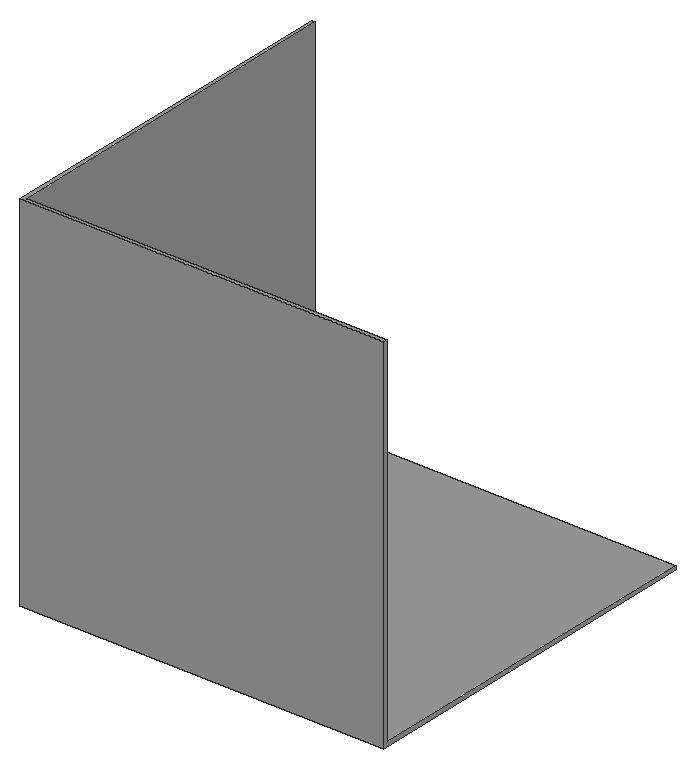
Revit family "97f5d52c-8eea-4d1f-87e4-3cfeebbedc00", category Generic Models, Revit 2012
Parameters (values of type "As Specified")
  Unit Width = 0' - 6"
  Unit Height = 0' - 6"
  Unit Depth = 0' - 6"
  URL = "http://www.hyload.com/"
  Thickness = 0' - 0 1/16"
  Specification = "http://www.arcat.com/sdspecs/htm04/07_65_00hyl.htm"
  Sales Information = "http://www.hyload.com/contact-us"
  Revision = "R1_12-2015"
  Product Properties = "http://www.hyload.com/masonry-flashing/preformed-shapes/"
  Product Data = "http://www.arcat.com/arcatcos/cos33/arc33176.html"
  Model = "Inside Corner (90)"
  Manufacturer Website = "http://www.hyload.com/"
  Manufacturer Phone - Toll Free = "800-457-4056"
  Manufacturer Phone = "330-769-3546"
  Manufacturer Fax = "330-769-4153"
  Manufacturer Address = "5020 Panther Pkwy., Seville, OH 44273"
  Manufacturer = "Hyload"
  Keynote = "07 65 00"
  Flashing Material = Hyload Flashing Membrane - Grey
  Drawn By = "Robert S. Weygant / Sumex Design"
  Description = "Preformed Hyload Masonry Flashing - Inside Corner (90)"
  Copyright = "(c) ARCAT, Inc, 2015"
  Construction Details = "http://www.arcat.com/details/hyload/hyload.html?coid=33176"
  Assembly Code = "B3010400"
Reference planes (in)
  plane 1 "Center (Front/Back)": y = 0
  plane 2: z = 0
  plane 3 "Center (Left/Right)": x = 0
  plane 4: y = 6
  plane 5: x = 6
  plane 6: z = 6
Forms (in)
  Extrusion 1, solid, material "Hyload Flashing Membrane - Grey" <- "Flashing Material"
    sketch origin (0, 0, 0) x (1, 0, 0) y (0, 1, 0)
      loop
        line (0, 6) -> (0, 0) -> (6, 0) -> (6, 6) -> (0, 6)
    from 0 to 0.0625 <- "Thickness"
  Extrusion 2, solid, material "Hyload Flashing Membrane - Grey" <- "Flashing Material"
    sketch origin (0, 0, 0) x (1, 0, 0) y (0, 1, 0)
      loop
        line (0, 6) -> (0, 0) -> (6, 0) -> (6, 0.0625) -> (0.0625, 0.0625) -> (0.0625, 6) -> (0, 6)
    from 0 to 6 <- "Unit Height"
Cuts and joins
  joined: Extrusion 1, Extrusion 2
Dimensions and locks (in)
  "Unit Depth": plane 1 "Center (Front/Back)" to plane 4
  "Unit Width": plane 3 "Center (Left/Right)" to plane 5
  "Unit Height": plane 6 to level
  "Thickness": plane 1 "Center (Front/Back)" to Extrusion 2 sketch curve
  "Thickness": plane 3 "Center (Left/Right)" to Extrusion 2 sketch curve
  plane 3 "Center (Left/Right)" to Extrusion 2 = 0' - 6"
  aligned and locked: plane 2 to level
  aligned and locked: Extrusion 1 sketch curve to plane 4
  aligned and locked: plane 3 "Center (Left/Right)" to Extrusion 1 sketch curve
  aligned and locked: Extrusion 1 sketch curve to plane 1 "Center (Front/Back)"
  aligned and locked: Extrusion 1 sketch curve to plane 5
  aligned and locked: plane 4 to Extrusion 2 sketch curve
  aligned and locked: Extrusion 2 sketch curve to plane 3 "Center (Left/Right)"
  aligned and locked: plane 1 "Center (Front/Back)" to Extrusion 2 sketch curve
  aligned and locked: plane 5 to Extrusion 2 sketch curve
  aligned and locked: Extrusion 2 to level
